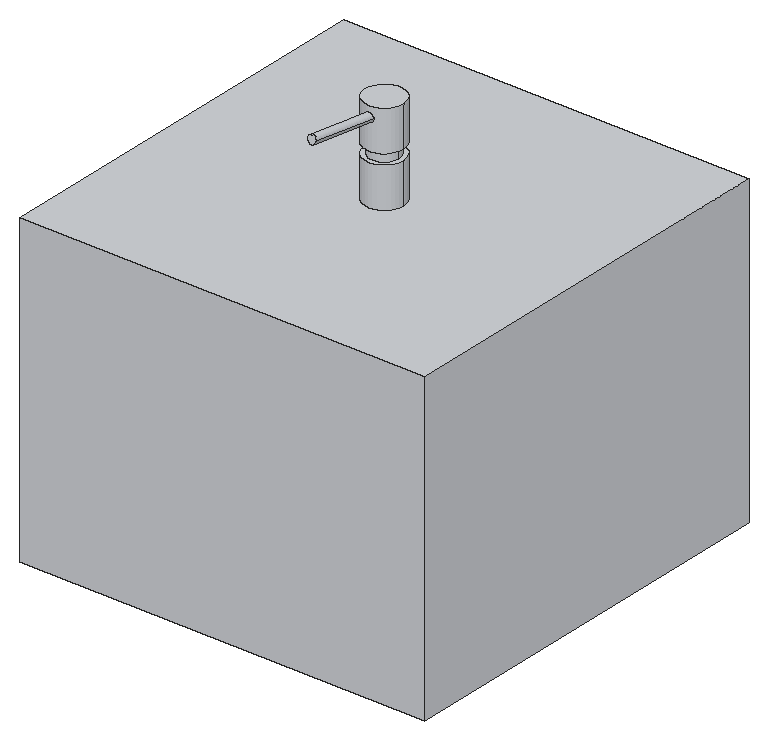
Revit family "AX9436FP_0009", category Appareils sanitaires, Revit 2016
Family settings
  Hôte = Face
  Type d'élément = Normal
  Cote de connecteur circulaire = Utiliser le diamètre
  Couper avec des vides une fois chargée = Non
  Partagée = Non
  Point de calcul de pièce = Non
Parameters
  URL = "https://www.axeuro.com/fr/distributeurs-de-savon-encastres-sur-plan/25049-distributeur-de-savon-encastre-sur-plan-ax9436fp.html"
  Type de produit / Type of product = "Distributeur de savon mousse encastré sur plan / Foam soap dispensers lavatory-mounted"  # constant formula
  Référence / Reference = "AX9436F, AX9436FP"  # constant formula
  Model = ""
  Matériaux = ""
  Finition = ""
  Manufacturer = ""
  Entreprise / Company = "Axeuro"  # constant formula
  Default Elevation = 1219.2 mm
  Description = ""
Reference planes
  plane 1 "Centre (avant/arrière)": y = 0
  plane 2: z = 0
  plane 3 "Centre (gauche/droite)": x = 0
Forms (mm)
  Extrusion 1, solid
    sketch origin (0, 0, 0) x (1, 0, 0) y (0, 1, 0)
      loop
        line (-200, 200) -> (-200, -200) -> (200, -200) -> (200, 200) -> (-200, 200)
    from 0 to -304.8
  Extrusion 2, solid
    sketch origin (0, 0, -163.747) x (-1, 0, 0) y (0, -1, 0)
      loop
        circle (0, 0) r 19
    from 214.047 to 254.053
  Extrusion 3, solid
    sketch origin (0, 0, -163.747) x (-1, 0, 0) y (0, -1, 0)
      loop
        circle (0, 0) r 14.2
    from 203.747 to 214.047
  Extrusion 4, solid
    sketch origin (0, 0, -211.976) x (-1, 0, 0) y (0, -1, 0)
      loop
        circle (0, 0) r 19
    from 211.976 to 251.976
  Extrusion 5, solid
    sketch origin (0, 0, -166.683) x (1, 0, 0) y (0, 1, 0)
      loop
        circle (0, 0) r 9.4
    from 53.683 to 166.683
  Extrusion 6, solid
    sketch origin (0, 0.149, 1.129) x (-1, 0, 0) y (0, 0.156434, 0.987688)
      loop
        circle (0, 75.025) r 4.2
    from -102.335 to -26.52
Cuts and joins
  joined: Extrusion 2, Extrusion 6
Dimensions and locks
  aligned and locked: plane 2 to Extrusion 1
  aligned and locked: level to Extrusion 1
